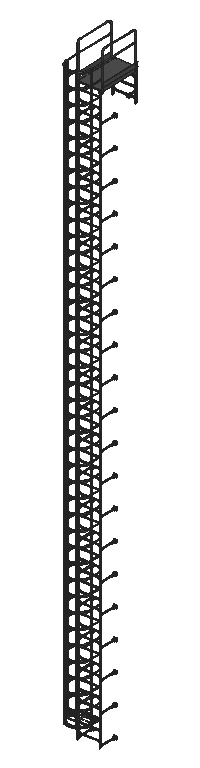
Revit family "BORGE_Вертикальная пожарная лестница_П-2", category Обобщенные модели, Revit 2019 (continued)
Definition of nested family "SHD_BORGE_Вертикальное ограждение_Верхнее"
  Automatic sketch dimensions
    Extrusion 3 sketch curve to Extrusion 3 sketch curve = 0.158 mm
    Extrusion 3 sketch curve to Extrusion 3 sketch curve = 4.415 mm
    Extrusion 3 sketch curve to Extrusion 3 sketch curve = 1.645 mm  (x2)
    Extrusion 3 sketch curve to Extrusion 3 sketch curve = 28.748 mm
    Extrusion 3 sketch curve to Extrusion 3 sketch curve = 0.989 mm
    Extrusion 3 sketch curve to Extrusion 3 sketch curve = 0.022 mm
    Extrusion 3 sketch curve to Extrusion 3 sketch curve = 1.752 mm
    Extrusion 3 sketch curve to Extrusion 3 sketch curve = 1.676 mm
    Extrusion 3 sketch curve to Extrusion 3 sketch curve = 4.464 mm
    Extrusion 3 sketch curve to plane 1 "По центру (Вперед/Назад)" = 798.764 mm
    Extrusion 3 sketch curve to Extrusion 3 sketch curve = 0.95 mm  (x2)
    Extrusion 3 sketch curve to Extrusion 3 sketch curve = 0.96 mm
    Extrusion 3 sketch curve to Extrusion 3 sketch curve = 0.042 mm
    Extrusion 3 sketch curve to Extrusion 3 sketch curve = 9.992 mm
    Extrusion 3 sketch curve to Extrusion 3 sketch curve = 1.094 mm
    Extrusion 3 sketch curve to Extrusion 3 sketch curve = 0.083 mm
    Extrusion 4 sketch curve to plane 3 "По центру (Влево/Вправо)" = 410.72 mm
    Extrusion 4 sketch curve to Extrusion 4 sketch curve = 0 mm  (x7)
    Extrusion 4 sketch curve to Extrusion 4 sketch curve = 8.824 mm
    Extrusion 4 sketch curve to Extrusion 4 sketch curve = 8.841 mm
    Extrusion 4 sketch curve to Extrusion 4 sketch curve = 0.086 mm  (x4)
    Extrusion 4 sketch curve to Extrusion 4 sketch curve = 0.162 mm  (x3)
    Extrusion 4 sketch curve to Extrusion 4 sketch curve = 1.965 mm
    Extrusion 4 sketch curve to Extrusion 4 sketch curve = 2.024 mm
    Extrusion 4 sketch curve to Extrusion 4 sketch curve = 1.9 mm  (x3)
    Extrusion 4 sketch curve to plane 1 "По центру (Вперед/Назад)" = 440.581 mm
    Extrusion 4 sketch curve to Extrusion 4 sketch curve = 33.162 mm
    plane 3 "По центру (Влево/Вправо)" to Sweep 5 sketch curve = 400.227 mm
    plane 3 "По центру (Влево/Вправо)" to Sweep 5 sketch curve = 0.229 mm
    plane 1 "По центру (Вперед/Назад)" to Sweep 5 sketch curve = 431.084 mm
    Sweep 5 sketch curve to Sweep 5 sketch curve = 0.002 mm  (x2)
    Sweep 5 sketch curve to plane 1 "По центру (Вперед/Назад)" = 0.014 mm  (x2)
    plane 3 "По центру (Влево/Вправо)" to Sweep 5 sketch curve = 400.23 mm
    Sweep 5 sketch curve to plane 3 "По центру (Влево/Вправо)" = 399.766 mm
    Sweep 5 sketch curve to profile plane = 0 mm  (x2)
    Sweep 5 sketch curve to profile plane = 1.9 mm
    Sweep 5 sketch curve to Sweep 5 sketch curve = 1.86 mm
    Sweep 5 sketch curve to profile plane = 3.764 mm
    Sweep 5 sketch curve to Sweep 5 sketch curve = 0.015 mm
    Sweep 5 sketch curve to Sweep 5 sketch curve = 0.021 mm  (x2)
    profile plane to Sweep 5 sketch curve = 1.9 mm
    Sweep 5 sketch curve to Sweep 5 sketch curve = 9.091 mm
    Sweep 5 sketch curve to Sweep 5 sketch curve = 9.066 mm
    Sweep 5 sketch curve to Sweep 5 sketch curve = 33.655 mm
    plane 3 "По центру (Влево/Вправо)" to Sweep 6 sketch curve = 400.227 mm
    plane 3 "По центру (Влево/Вправо)" to Sweep 6 sketch curve = 0.229 mm
    plane 1 "По центру (Вперед/Назад)" to Sweep 6 sketch curve = 431.084 mm
    Sweep 6 sketch curve to Sweep 6 sketch curve = 0.002 mm  (x2)
    Sweep 6 sketch curve to plane 1 "По центру (Вперед/Назад)" = 0.014 mm  (x2)
    plane 3 "По центру (Влево/Вправо)" to Sweep 6 sketch curve = 400.23 mm
    Sweep 6 sketch curve to plane 3 "По центру (Влево/Вправо)" = 399.766 mm
    Sweep 6 sketch curve to profile plane = 0 mm  (x2)
    Sweep 6 sketch curve to profile plane = 1.9 mm
    Sweep 6 sketch curve to Sweep 6 sketch curve = 1.86 mm
    Sweep 6 sketch curve to profile plane = 3.764 mm
    Sweep 6 sketch curve to Sweep 6 sketch curve = 0.015 mm
    Sweep 6 sketch curve to Sweep 6 sketch curve = 0.021 mm  (x2)
    profile plane to Sweep 6 sketch curve = 1.9 mm
    Sweep 6 sketch curve to Sweep 6 sketch curve = 9.091 mm
    Sweep 6 sketch curve to Sweep 6 sketch curve = 9.066 mm
    Sweep 6 sketch curve to Sweep 6 sketch curve = 33.655 mm
Definition of nested family "SHD_BORGE_Устройство ограничения доступа"
  Parameters (values of type "Устройство ограничения доступа")
    Manufacturer = "ООО «Борге», ООО «Бипро»"  # constant formula
    URL = "https://borge.ru/"
    LT = "BORGE_Устройство ограничения доступа"  # constant formula
    Code2 [instance] = 1
    Code1 = 1  # constant formula
    ADSK_Примечание [instance] = ""
    ADSK_Позиция [instance] = ""
    ADSK_Обозначение [instance] = size_lookup(LT, "ADSK_Обозначение", "НЕ НАЙДЕНО", Code2)  # "08.110.08.07.01.000.9006"
    ADSK_Наименование краткое [instance] = "Устройство ограничения доступа"
    ADSK_Наименование [instance] = size_lookup(LT, "ADSK_Наименование", "НЕ НАЙДЕНО", Code2)  # "Устройство ограничения доступа BORGE для пожарной лестницы, бело-алюминиевый (RAL 9006)"
    ADSK_Материал [instance] = none
    ADSK_Масса_Текст [instance] = "0"  # constant formula
    ADSK_Масса [instance] = 0  # constant formula
    ADSK_Марка [instance] = ADSK_Обозначение  # "08.110.08.07.01.000.9006"
    ADSK_Количество [instance] = 1  # constant formula
    ADSK_Код изделия [instance] = ""
    ADSK_Завод-изготовитель [instance] = "ООО «Борге», ООО «Бипро»"  # constant formula
    ADSK_Единица измерения [instance] = "шт."  # constant formula
    ADSK_Группирование [instance] = ""
    ADSK_Версия семейства = "Rev1 2023-08"  # constant formula
    ADSK_URL страницы изделия = "https://borge.ru/products/fire-stairs/vertical_stairs/"
    ADSK_URL документации изделия = "https://borge.ru/products/fire-stairs/vertical_stairs/"
  Reference planes
    plane 1 "По центру (Вперед/Назад)": y = 0
    plane 2: z = 0
    plane 3 "По центру (Влево/Вправо)": x = 0
    plane 4: x = -358
    plane 5: x = 358
    plane 6: y = -839
    plane 7 "1": z = 16
    plane 8 "2": z = 18
    plane 9 "4": z = 20
    plane 10 "5": z = -16
  Forms (mm)
    Sweep 1, solid, material <- "ADSK_Материал", detail levels fine
      path origin (0, 0, 0) x (1, 0, 0) y (0, 1, 0)
        loop
          line (-342, 0) -> (-342, -560.224)
          arc (-342, -560.224) -> (-322.347, -633.116) -> (-268.714, -686.248) r 145
          line (-268.714, -686.248) -> (-44.512, -813.83)
          arc (-44.512, -813.83) -> (0, -825.608) -> (44.512, -813.83) r 90
          line (44.512, -813.83) -> (268.714, -686.248)
          arc (268.714, -686.248) -> (322.347, -633.116) -> (342, -560.224) r 145
          line (342, -560.224) -> (342, 0)
      profile origin (-342, -280.112, 0) x (1, 0, 0) y (0, 0, 1)
        loop
          circle (0, 0) r 16
    Extrusion 2, solid, material <- "ADSK_Материал", detail levels fine
      sketch origin (0, 0, 0) x (1, 0, 0) y (0, 1, 0)
        loop
          line (-358, -553.317) -> (358, -553.317) -> (358, -528.317) -> (-358, -528.317) -> (-358, -553.317)
        loop
          line (-358, -373.317) -> (358, -373.317) -> (358, -348.317) -> (-358, -348.317) -> (-358, -373.317)
        loop
          line (-358, -25) -> (358, -25) -> (358, 0) -> (-358, 0) -> (-358, -25)
        loop
          line (-358, -206.317) -> (358, -206.317) -> (358, -181.317) -> (-358, -181.317) -> (-358, -206.317)
      from 16 to 18
    Extrusion 3, solid, material <- "ADSK_Материал", detail levels fine
      sketch origin (0, 0, 0) x (1, 0, 0) y (0, 1, 0)
        loop
          line (0, 0) -> (-12.5, 0) -> (-12.5, -553.317) -> (0, -553.317) -> (12.5, -553.317) -> (12.5, 0) -> (0, 0)
      from 18 to 20
  Dimensions and locks
    locked: plane 4 to plane 3 "По центру (Влево/Вправо)" at 358
    locked: plane 5 to plane 3 "По центру (Влево/Вправо)" at 358
    locked: plane 1 "По центру (Вперед/Назад)" to plane 6 at 839
    locked: plane 7 "1" to plane 2 at 16
    Extrusion 2 sketch curve to Extrusion 2 sketch curve = 503.317 mm
    locked: plane 7 "1" to plane 8 "2" at 2
    locked: plane 8 "2" to plane 9 "4" at 2
    locked: plane 10 "5" to plane 2 at 16
    aligned and locked: level to plane 2
    aligned and locked: plane 7 "1" to Extrusion 2
    aligned and locked: Extrusion 2 to plane 8 "2"
    aligned and locked: Extrusion 3 to Extrusion 2
    aligned and locked: Extrusion 3 to plane 9 "4"
Types (22, lengths in mm): name | Code2_Площадка | Code2_Внутренняя_Лестница_1 | Code2_Лестница_Внешняя_7 | Code2_Лестница_Внешняя_6 | Code2_Лестница_Внешняя_5 | Code2_Лестница_Внешняя_4 | Code2_Лестница_Внешняя_3 | Code2_Лестница_Внешняя_2 | Code2_Лестница_Внешняя_1 | Code2_Кронштейн_Внутренний | Code2_Кронштейн_Внешний | Code2 | ADSK_Материал
  Пожарная лестница_П1-2_Бело-алюминиевый_RAL 9006 | 57 | 13 | 35 | 57 | 57 | 57 | 57 | 57 | 57 | 35 | 57 | 13 | BOGRE_Уcловный_Серый графит_RAL 7024
  Пожарная лестница_П1-2_Чёрный матовый_RAL 9005 | 46 | 2 | 24 | 46 | 46 | 46 | 46 | 46 | 46 | 24 | 46 | 2 | BOGRE_Уcловный_Чёрный матовый_RAL 9005
  Пожарная лестница_П1-2_Чёрный_RAL 9005 | 47 | 3 | 25 | 47 | 47 | 47 | 47 | 47 | 47 | 25 | 47 | 3 | BOGRE_Уcловный_Чёрный_RAL 9005
  Пожарная лестница_П1-2_Сигнально-белый_RAL 9003 | 48 | 4 | 26 | 48 | 48 | 48 | 48 | 48 | 48 | 26 | 48 | 4 | BOGRE_Уcловный_Сигнально-белый_RAL 9003
  Пожарная лестница_П1-2_Окрашенный_NL 807 | 49 | 5 | 27 | 49 | 49 | 49 | 49 | 49 | 49 | 27 | 49 | 5 | BOGRE_Уcловный_Окрашенный_NL 807
  Пожарная лестница_П1-2_Окрашенный_NL 805 | 50 | 6 | 28 | 50 | 50 | 50 | 50 | 50 | 50 | 28 | 50 | 6 | BOGRE_Уcловный_Окрашенный_NL 805
  Пожарная лестница_П1-2_Серо-коричневый матовый_RAL 8019 | 51 | 7 | 29 | 51 | 51 | 51 | 51 | 51 | 51 | 29 | 51 | 7 | BOGRE_Уcловный_Серо-коричневый матовый_RAL 8019
  Пожарная лестница_П1-2_Серо-коричневый_RAL 8019 | 52 | 8 | 30 | 52 | 52 | 52 | 52 | 52 | 52 | 30 | 52 | 8 | BOGRE_Уcловный_Серо-коричневый_RAL 8019
  Пожарная лестница_П1-2_Коричневый шоколад матовый_RAL 8017 | 53 | 9 | 31 | 53 | 53 | 53 | 53 | 53 | 53 | 31 | 53 | 9 | BOGRE_Уcловный_Коричневый шоколад матовый_RAL 8017
  Пожарная лестница_П1-2_Коричневый шоколад_RAL 8017 | 54 | 10 | 32 | 54 | 54 | 54 | 54 | 54 | 54 | 32 | 54 | 10 | BOGRE_Уcловный_Коричневый шоколад_RAL 8017
  Пожарная лестница_П1-2_Терракотовый_RAL 8004 | 55 | 11 | 33 | 55 | 55 | 55 | 55 | 55 | 55 | 33 | 55 | 11 | BOGRE_Уcловный_Терракотовый_RAL 8004
  Пожарная лестница_П1-2_Серый графит матовый_RAL 7024 | 56 | 12 | 34 | 56 | 56 | 56 | 56 | 56 | 56 | 34 | 56 | 12 | BOGRE_Уcловный_Серый графит матовый_RAL 7024
  Пожарная лестница_П1-2_Серый графит_RAL 7024 | 57 | 13 | 35 | 57 | 57 | 57 | 57 | 57 | 57 | 35 | 57 | 13 | BOGRE_Уcловный_Серый графит_RAL 7024
  Пожарная лестница_П1-2_Антрацитово-серый_RAL 7016 | 58 | 14 | 36 | 58 | 58 | 58 | 58 | 58 | 58 | 36 | 58 | 14 | BOGRE_Уcловный_Антрацитово-серый_RAL 7016
  Пожарная лестница_П1-2_Сигнально-серый_RAL 7004 | 59 | 15 | 37 | 59 | 59 | 59 | 59 | 59 | 59 | 37 | 59 | 15 | BOGRE_Уcловный_Сигнально-серый_RAL 7004
  Пожарная лестница_П1-2_Зелёный мох_RAL 6005 | 60 | 16 | 38 | 60 | 60 | 60 | 60 | 60 | 60 | 38 | 60 | 16 | BOGRE_Уcловный_Зелёный мох_RAL 6005
  Пожарная лестница_П1-2_Лиственно-зеленый_RAL 6002 | 61 | 17 | 39 | 61 | 61 | 61 | 61 | 61 | 61 | 39 | 61 | 17 | BOGRE_Уcловный_Лиственно-зеленый_RAL 6002
  Пожарная лестница_П1-2_Сигнально-синий_RAL 5005 | 62 | 18 | 40 | 62 | 62 | 62 | 62 | 62 | 62 | 40 | 62 | 18 | BOGRE_Уcловный_Сигнально-синий_RAL 5005
  Пожарная лестница_П1-2_Серо-коричневый_RR 32 | 63 | 19 | 41 | 63 | 63 | 63 | 63 | 63 | 63 | 41 | 63 | 19 | BOGRE_Уcловный_Серо-коричневый_RR 32
  Пожарная лестница_П1-2_Коричнево-красный_RAL 3011 | 64 | 20 | 42 | 64 | 64 | 64 | 64 | 64 | 64 | 42 | 64 | 20 | BOGRE_Уcловный_Коричнево-красный_RAL 3011
  Пожарная лестница_П1-2_Красное вино_RAL 3005 | 65 | 21 | 43 | 65 | 65 | 65 | 65 | 65 | 65 | 43 | 65 | 21 | BOGRE_Уcловный_Красное вино_RAL 3005
  Пожарная лестница_П1-2_Рубиново-красный_RAL 3003 | 66 | 22 | 44 | 66 | 66 | 66 | 66 | 66 | 66 | 44 | 66 | 22 | BOGRE_Уcловный_Рубиново-красный_RAL 3003
